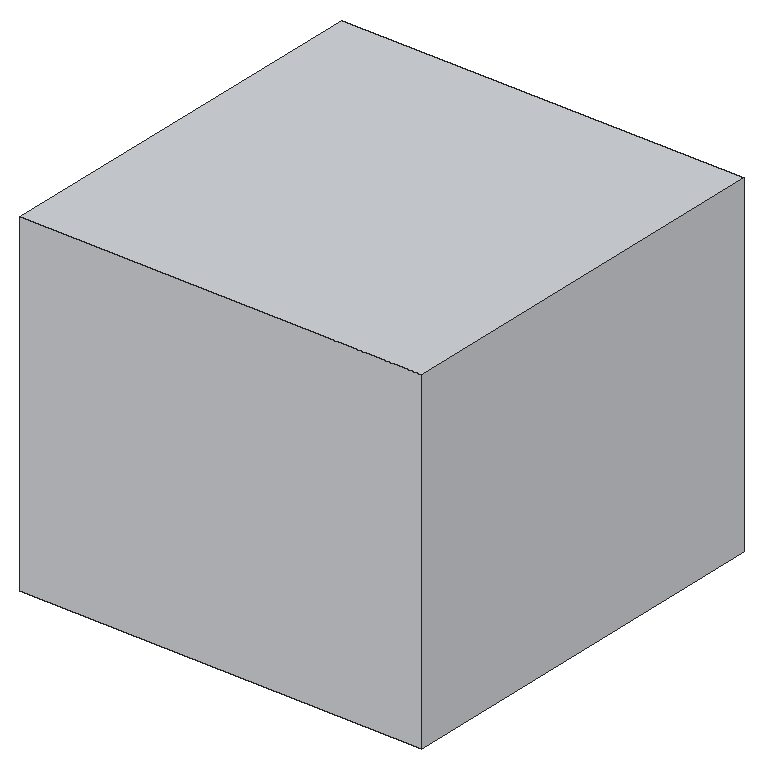
Revit family "defaultFamily_2022", category Generic Models, Revit 2022
Family settings
  Can host rebar = No
  Round Connector Dimension = Use Diameter
  Part Type = Normal
  Work Plane-Based = No
  Always vertical = Yes
  Cut with Voids When Loaded = No
  Maintain Annotation Orientation = No
  Shared = No
  Room Calculation Point = No
Parameters
  Default Elevation = 0 mm
Reference planes
  plane 1 "Center (Front/Back)": y = 0
  plane 2: z = 0
  plane 3 "Center (Left/Right)": x = 0
Forms (mm)
  Extrusion 1, solid
    sketch origin (0, 0, 0) x (1, 0, 0) y (0, 1, 0)
      loop
        line (0, 0) -> (300, 0) -> (300, 300) -> (0, 300) -> (0, 0)
    from 0 to 250
Dimensions and locks
  aligned and locked: level to plane 2
